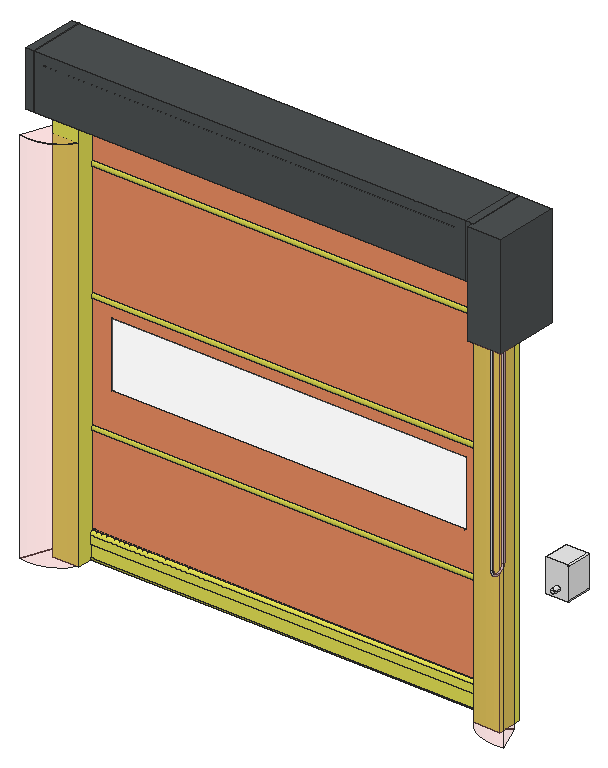
Revit family "Doors_Other_Overhead-Door-Corporation_RapidFlex-High-Speed-Exterior-Fabric-Door-993_new_", category Specialty Equipment, host Wall, Revit 2019
Family settings
  Host = Wall
  Round Connector Dimension = Use Diameter
  Part Type = Normal
  OmniClass Number = 23.30.10.21.34
  OmniClass Title = Industrial Doors
  Always vertical = Yes
  Cut with Voids When Loaded = No
  Shared = No
  Room Calculation Point = No
Parameters (values of type "115 volts, one phase, 60 Hz (110-120V range)")
  Vision Panels [instance] = yes
  True Width [instance] = [Door Width (Real)]  # 120"
  True Height [instance] = [Door Height (Real)] + 6 1/2"  # 126 1/2"
  Three Phase Controller [instance] = not(One Phase Controller)  # no
  Rough Width [instance] = [Door Width (Real)]  # 120"
  Rough Height [instance] = [Door Height (Real)] - 4 1/2"  # 115 1/2"
  Product Page URL = "https://www.overheaddoor.com/high-speed-doors-993"
  Powder Coat (Note) = "PowderGuard® Premium powder coat options are available in approximately 200 colors as well as custom matching to specification. "  # constant formula
  Panel Material [instance] = PVC - Overhead Door - Orange (Exterior)
  One Phase Controller [instance] = if(Number of Poles = 1, 1 = 1, 1 = 2)  # yes
  Motor Cover [instance] = yes
  Hood Type [instance] = if(or(Hood Option < 1, Hood Option = 1), "Standard", "Sloped")  # "Standard"
  Hood Material = Metal - Overhead Door - Black
  Headroom Height [instance] = if(or(Hood Option < 1, Hood Option = 1), 27 1/2", if(or(Hood Option > 2, Hood Option = 2), 36 1/2", 36 1/2"))  # 27 1/2"
  Hood Option [instance] = 1
  External Transformer = if(or(Voltage = 208 V, Voltage = 575 V), 1 = 1, 1 = 2)  # no
  Door Width (Real) [instance] = if(Door Width > Max Door Width, Max Door Width, if(Door Width < Min Door Width, Min Door Width, Door Width))  # 120"
  Door Height (Real) [instance] = if(Door Height > Max Door Height, Max Door Height, if(Door Height < Min Door Height, Min Door Height, Door Height))  # 120"
  Voltage = 115 V
  URL = "https://www.overheaddoor.com/"
  Product data url = "https://www.bimobject.com/overhead-door/product/high-speed-exterior-fabric-door-993"
  Product Guid = "3052d39a-ac6d-4781-a7d8-0a54b698e6f5"
  Power Factor = 1
  Number of Poles = 1
  Model = "993"  # constant formula
  Min Door Width [instance] = 48"  # constant formula
  Min Door Height [instance] = 72"  # constant formula
  Max Door Width [instance] = 240"  # constant formula
  Max Door Height [instance] = 240"  # constant formula
  Manufacturer = "Overhead Door Corporation"  # constant formula
  Frequency = 60 Hz  # constant formula
  Wall Closure = By host
  Floor To (CL) of Shaft [instance] = [Door Height (Real)] + 5 1/2"  # 125 1/2"
  Connector Description = "Rapidflex Large Control Panel"  # constant formula
  Finish Material = Finish - Overhead Door - Yellow
  Door Width [instance] = 120"
  Door Height [instance] = 120"
  Description = "RapidFlex​® Model 993 is a strutted, exterior heavy-duty high speed fabric door with independently tested wind load of up to 19.5 psf*. "  # constant formula
  Current = 20 A
  Clearance [instance] = yes
  Backroom Depth [instance] = 17 1/4"  # constant formula
  Apparent Load Phase 3 = if(Number of Poles = 1, 0 VA, (Voltage * Current * sqrt(3)) / 3)  # 0 VA
  Apparent Load Phase 2 = if(Number of Poles = 1, 0 VA, (Voltage * Current * sqrt(3)) / 3)  # 0 VA
  Apparent Load Phase 1 = if(Number of Poles = 1, Voltage * Current, (Voltage * Current * sqrt(3)) / 3)  # 2300 VA
Reference planes (in)
  plane 1 "Center (Front/Back)": y = 0
  plane 2 "Center (Left/Right)": x = 0
  plane 3 "Left": x = -60
  plane 4 "Right": x = 60
  plane 5 "Exterior": y = 3.00375
  plane 6 "Interior": y = -2.99625
  plane 7: x = 60
  plane 8: x = -60
  plane 9: z = 115.5
  plane 10 "Main": y = -7.11344
  plane 11: y = -20.24625
  plane 12 "Main Door Block": y = -2.99625
  plane 13: z = 47.47
  plane 14: y = -5.16813
  plane 15: y = -5.24829
  plane 16: y = -5.08796
  plane 17: z = 120
Lines and regions (in)
  Opening 1
    outline origin (-90, -2.99625, 0) x (1, 0, 0) y (0, 0, 1)
      loop
        line (30, 0) -> (150, 0) -> (150, 115.5) -> (30, 115.5) -> (30, 0)
Text (in)
  text "Exterior" at (-74.96733, -29.37398, 0), in view "Ref. Level"
  text "Interior" at (-74.96733, 20.10035, 0), in view "Ref. Level"
  text "Exterior" at (0, 40.15149, 123.01588), in view "Right"
  text "Interior" at (0, -64.39139, 123.01588), in view "Right"
  text "Interior" at (0, -31.01599, 123.00693), in view "Left"
  text "Exterior" at (0, 54.57065, 123.00693), in view "Left"
Dimensions and locks (in)
  equal spacing: plane 3 "Left", plane 2 "Center (Left/Right)", plane 4 "Right"
  "Door Width (Real)": plane 3 "Left" to plane 4 "Right"
  level to host wall = 459.59655"
  equal spacing: plane 8, plane 2 "Center (Left/Right)", plane 7
  "Rough Width": plane 7 to plane 8
  "Backroom Depth": plane 6 "Interior" to plane 11
  plane 9 to level = 115 1/2"
  locked: plane 12 "Main Door Block" to plane 10 "Main" at 4.11719
  plane 1 "Center (Front/Back)" to plane 6 "Interior" = 2.99625"
  locked: plane 14 to plane 6 "Interior" at 2.17187
  locked: plane 15 to plane 16 at 0.16033
  equal spacing: plane 15, plane 14, plane 16
  locked: plane 17 to plane 9 at 4.5
  "Door Height (Real)": plane 17 to level
  aligned and locked: Opening 1 sketch curve to level
  aligned and locked: plane 5 "Exterior" to host wall
  aligned and locked: host wall to plane 6 "Interior"
  aligned and locked: plane 8 to Opening 1 sketch curve
  aligned and locked: plane 7 to Opening 1 sketch curve
  aligned and locked: plane 12 "Main Door Block" to plane 6 "Interior"
  aligned and locked: plane 12 "Main Door Block" to nested 1
  aligned and locked: nested 1 to plane 2 "Center (Left/Right)"
  aligned and locked: level to nested 1
  aligned and locked: Opening 1 sketch curve to plane 9
  aligned and locked: plane 2 "Center (Left/Right)" to nested 2
Nested families (in)
  nested 1: "Lifts" at (0, -2.99625, 0) x (-1, 0, 0) z (0, 0, 1), Motor Cover <- "Motor Cover", One Phase Controller <- "One Phase Controller", Three Phase Controller <- "Three Phase Controller", Header Option <- "Hood Option", type "Frame Unit"
    with Three Phase Controller no, Standard Motor Housing yes, Standard Headroom with Break Cover yes, Standard Headroom Hood yes, Sloped Motor Housing no, Sloped Headroom Hood no, Shaft Length 9 1/2", Rod 2 no, Right Motor Position yes, One Phase Controller yes, Motor Cover Off no, Motor Cover yes, Masking Region Right Motor Three Phase no, Masking Region Right Motor no, Headroom Offset 0", Header Option 1, Guid Option 1, Floor To CL Shaft 134 3/4", Electric Operator Position 171 1/2"
  nested 2: "Panel" at (0, -5.08796, 0), type "Panel"
Connectors (in)
  electrical at (85.75194, -10.53625, 47.99806), driven by "Number of Poles", driven by "Voltage", driven by "Apparent Load Phase 1", driven by "Power Factor", driven by "Connector Description", driven by "Apparent Load Phase 2", driven by "Apparent Load Phase 3"
    settings: on nested 1, index 1, voltage 115 V, apparent load 0 VA, apparent load phase1 2300 VA, apparent load phase2 0 VA, apparent load phase3 0 VA, power factor 1, load classification "Other", number of poles 1, system type 31, power factor state 1, is connector primary yes, connector utility no, sub classification motor no, connector description "Rapidflex Large Control Panel"
Definition of nested family "Lifts"
  Parameters (values of type "Frame Unit")
    Three Phase Controller [instance] = no
    Standard Motor Housing [instance] = if(and(Motor Cover, or(Header Option < 1, Header Option = 1)), 1 = 1, 1 = 2)  # no
    Standard Headroom with Break Cover [instance] = yes
    Standard Headroom Hood [instance] = if(and(Hood Option, or(Header Option < 1, Header Option = 1, Header Option = 2)), 1 = 1, 1 = 2)  # yes
    Spool Radius = 4 1/2"
    Sloped Motor Housing [instance] = if(and(Motor Cover, or(Header Option > 2, Header Option = 2)), 1 = 1, 1 = 2)  # yes
    Sloped Headroom Hood [instance] = if(and(Hood Option, or(Header Option > 2, Header Option = 2)), 1 = 1, 1 = 2)  # yes
    Shaft Material = none
    Shaft Length [instance] = 9 1/2"  # constant formula
    Rod 2 [instance] = if(and(not(Motor Cover), Right Motor Position), 1 = 1, 1 = 2)  # no
    Right Motor Position [instance] = yes
    Opening Width = 120"
    One Phase Controller [instance] = yes
    Naked Header = not(Hood Option)  # no
    Motor Cover Off [instance] = not(Motor Cover)  # no
    Motor Cover [instance] = yes
    Masking Region Right Motor Three Phase [instance] = if(and(Right Motor Position, Three Phase Controller), 1 = 1, 1 = 2)  # no
    Masking Region Right Motor [instance] = if(and(Right Motor Position, Motor Cover Off), 1 = 1, 1 = 2)  # no
    Hood Option = yes
    Hood Offset (Real) = if(Hood Offset < 4 1/2", 4 1/2", if(Hood Offset > Opening Height / 2, Opening Height / 2, Hood Offset))  # 4 1/2"
    Hood Offset = 0"
    Hood Material = none
    Headroom Offset [instance] = if(or(Header Option < 1, Header Option = 1), 0", if(or(Header Option > 2, Header Option = 2), 9", 9"))  # 9"
    Headroom Height = 27 1/2"
    Header Width = 17 1/4"
    Header Option [instance] = 2
    Header Height = 16 1/2"
    Guid Width = 8"
    Guid Option [instance] = 1
    Floor To CL Shaft [instance] = Opening Height + Headroom Height - 8 1/4" - Headroom Offset  # 125 3/4"
    External Transformer = no
    Electric Operator Position [instance] = if(Right Motor Position, (25 3/4" * 2 + Opening Width), 0")  # 171 1/2"
    Clearance = yes
    Opening Height = 115 1/2"
    Finish Material = none
    Bottom Bar = yes
    Analytic Construction = "<None>"
  Reference planes (in)
    plane 1 "Center (Front/Back)": y = 0
    plane 2: z = 0
    plane 3 "Center (Left/Right)": x = 0
    plane 4 "Left": x = -60
    plane 5 "Right": x = 60
    plane 6 "Center Line of Shaft": z = 125.75
    plane 7 "Headroom Top": z = 134
    plane 8 "Opening Height": z = 115.5
    plane 9: x = -77.38
    plane 10 "Shaft": x = -75.54413
    plane 11 "Box": x = -85.75
    plane 12 "EBOX": z = 48
    plane 13: z = 39.09375
    plane 14: z = 56.90625
    plane 15: z = 43.5
    plane 16: y = 7.54
    plane 17: z = 117.5
    plane 18: y = 17.25
    plane 19: x = 69.5
    plane 20: x = 68
    plane 21: x = -68
    plane 22: x = -78
    plane 23: x = -93.5
    plane 24: y = 5.75
    plane 25: y = 2.17
    plane 26 "Center L/MM": x = 85.75
    plane 27: z = 53
    plane 28: z = 43
    plane 29: x = -82.25
    plane 30: x = -89.25
    plane 31: y = 7.54
    plane 32 "1": z = 45.56
    plane 33 "Sloped motor LH": x = -71.125
    plane 34 "Sloped motor RH": x = 71.125
    plane 35: z = 143
    plane 36: y = 5.75
  Forms (in)
    Extrusion 1, solid, material <- "Shaft Material"
      sketch origin (0, 0, 0) x (0, 1, 0) y (0, 0, 1)
        loop
          circle (8.625, 125.75) r 0.78
      from -77.38 to 69.5
    Extrusion 2, solid, visible <- "Three Phase Controller"
      sketch origin (-1.95651, 0, 0) x (1, 0, 0) y (0, 0, 1)
        loop
          line (-76.54349, 56.90625) -> (-91.04349, 56.90625)
          arc (-91.04349, 56.90625) -> (-91.39704, 56.7598) -> (-91.54349, 56.40625) r 0.5
          line (-91.54349, 56.40625) -> (-91.54349, 39.59375)
          arc (-91.54349, 39.59375) -> (-91.39704, 39.2402) -> (-91.04349, 39.09375) r 0.5
          line (-91.04349, 39.09375) -> (-76.54349, 39.09375)
          arc (-76.54349, 39.09375) -> (-76.18993, 39.2402) -> (-76.04349, 39.59375) r 0.5
          line (-76.04349, 39.59375) -> (-76.04349, 56.40625)
          arc (-76.04349, 56.40625) -> (-76.18993, 56.7598) -> (-76.54349, 56.90625) r 0.5
      from -7.54 to 0
    Revolve 3, solid, visible <- "Three Phase Controller"
      sketch origin (-55.03203, -180, 43.5) x (-1, 0, 0) y (0, -1, 0)
        loop
          line (27.35797, -187.54) -> (26.60797, -187.54) -> (26.75797, -189.312) -> (27.35797, -189.312) -> (27.35797, -187.54)
        axis (27.35797, -187.54) -> (27.35797, -189.312)
      angle from 0 to 360
    Extrusion 4, solid, material <- "Finish Material"
      sketch origin (0, 0, 0) x (1, 0, 0) y (0, 1, 0)
        loop
          line (-68, 0) -> (-60, 0) -> (-60, 7.21875) -> (-68, 7.21875) -> (-68, 0)
        loop
          line (68, 0) -> (68, 7.21875) -> (60, 7.21875) -> (60, 0) -> (68, 0)
      from 0 to 117.5
    Extrusion 5, solid, material <- "Hood Material", visible <- "Standard Headroom Hood"
      sketch origin (0, 0, 0) x (0, 1, 0) y (0, 0, 1)
        loop
          line (0, 117.5) -> (17.25, 117.5) -> (17.25, 134) -> (0, 134) -> (0, 117.5)
      from -68 to 68
    Sweep 6, solid, material <- "Hood Material"
      path origin (0, 0, 0) x (0, 1, 0) y (0, 0, 1)
        loop
          line (0, 117.5) -> (17.25, 117.5) -> (17.25, 134) -> (0, 134) -> (0, 117.5)
      profile origin (0, 0, 125.75) x (0, -1, 0) y (1, 0, 0)
        loop
          line (0, -68) -> (0, -65.8) -> (-0.5, -65.8) -> (-0.5, -68) -> (0, -68)
        loop
          line (0, 68) -> (-0.5, 68) -> (-0.5, 65.80145) -> (0, 65.80145) -> (0, 68)
    Extrusion 7, solid, material <- "Hood Material"
      sketch origin (0, 0, 0) x (1, 0, 0) y (0, 1, 0)
        loop
          line (68, 0) -> (68, 17.25) -> (67.495, 17.25) -> (67.495, 0) -> (68, 0)
        loop
          line (-68, 0) -> (-67.495, 0) -> (-67.495, 17.25) -> (-68, 17.25) -> (-68, 0)
      from 117.5 to 134
    Extrusion 8, solid, material <- "Hood Material"
      sketch origin (-60, -60, 48) x (0, -1, 0) y (0, 0, 1)
        loop
          circle (-68.62, 77.75) r 4.5
      from 7.24519 to 6.06954
    Extrusion 9, solid, visible <- "External Transformer"
      sketch origin (0, 0, 48) x (1, 0, 0) y (0, 1, 0)
        loop
          line (-92.625, 0) -> (-78.875, 0) -> (-78.875, 0.125) -> (-81.25, 0.125) -> (-81.25, 9.3125) -> (-90.25, 9.3125) -> (-90.25, 0.125) -> (-92.625, 0.125) -> (-92.625, 0)
      from -19.13 to -10
    Extrusion 10, solid, visible <- "Clearance"
      sketch origin (0, 0, 0) x (1, 0, 0) y (0, 1, 0)
        loop
          arc (-60, 7.21875) -> (-65.92575, 12.04695) -> (-73.5406, 12.71032) r 13
          line (-73.5406, 12.71032) -> (-70.07548, 4.13387) -> (-68, 5.33215) -> (-68, 7.21875) -> (-60, 7.21875)
        loop
          line (60, 7.21875) -> (68, 7.21875) -> (68, 5.33215) -> (70.07548, 4.13387) -> (73.5406, 12.71032)
          arc (73.5406, 12.71032) -> (65.92575, 12.04695) -> (60, 7.21875) r 13
      from 0 to 115.5
    Extrusion 11, solid, material <- "Finish Material"
      sketch origin (0, 0, 0) x (0, 1, 0) y (0, 0, 1)
        loop
          arc (3.09, 7.16) -> (2.86326, 7.8255) -> (2.27736, 8.21412) r 1.09
          arc (2.27736, 8.21412) -> (2.24377, 8.18602) -> (2.22831, 8.14505) r 0.08624
          arc (2.22831, 8.14505) -> (2.17, 7.81318) -> (2.11169, 8.14505) r 0.17106
          arc (2.11169, 8.14505) -> (2.09623, 8.18602) -> (2.06264, 8.21412) r 0.08624
          arc (2.06264, 8.21412) -> (1.47674, 7.8255) -> (1.25, 7.16) r 1.09
          line (1.25, 7.16) -> (1.25, 4.64381) -> (1.48036, 4.64381) -> (1.48036, 0.69)
          arc (1.48036, 0.69) -> (1.68233, 0.20222) -> (2.17, 0) r 0.69
          arc (2.17, 0) -> (2.65767, 0.20222) -> (2.85964, 0.69) r 0.69
          line (2.85964, 0.69) -> (2.85964, 4.64381) -> (3.09, 4.64381) -> (3.09, 7.16)
      from -60 to 60
    Extrusion 12, solid, visible <- "One Phase Controller"
      sketch origin (0, 0, 0) x (1, 0, 0) y (0, 0, 1)
        loop
          line (-82.66553, 53) -> (-88.85, 53)
          arc (-88.85, 53) -> (-89.13284, 52.88284) -> (-89.25, 52.6) r 0.4
          line (-89.25, 52.6) -> (-89.25, 43.4)
          arc (-89.25, 43.4) -> (-89.13284, 43.11716) -> (-88.85, 43) r 0.4
          line (-88.85, 43) -> (-82.65, 43)
          arc (-82.65, 43) -> (-82.36716, 43.11716) -> (-82.25, 43.4) r 0.4
          line (-82.25, 43.4) -> (-82.25, 52.58447)
          arc (-82.25, 52.58447) -> (-82.37171, 52.87829) -> (-82.66553, 53) r 0.41553
      from -7.54 to 0
    Revolve 13, solid, visible <- "One Phase Controller"
      sketch origin (0, 0, 45.56) x (-1, 0, 0) y (0, -1, 0)
        loop
          line (85.75, -9.3125) -> (85.75, -7.54) -> (85, -7.54) -> (85.15, -9.3125) -> (85.75, -9.3125)
        axis (85.75, -9.3125) -> (85.75, -7.54)
      angle from 0 to 360
    Extrusion 14, solid, material <- "Hood Material"
      sketch origin (60, -60, 48) x (0, -1, 0) y (0, 0, -1)
        loop
          circle (-68.62, -77.75) r 4.5
      from 7.24519 to 6.06954
    Extrusion 15, solid, material <- "Hood Material", visible <- "Sloped Headroom Hood"
      sketch origin (0, 0.784, 29.19) x (0, 1, 0) y (0, 0, 1)
        loop
          line (16.466, 88.31) -> (16.466, 106.31) -> (-0.784, 113.81) -> (-0.784, 88.31) -> (16.466, 88.31)
        loop
          line (15.966, 104.31) -> (-0.284, 104.31) -> (-0.284, 88.81) -> (15.966, 88.81) -> (15.966, 104.31)
      from -68 to 68
  Cuts and joins
    joined: Sweep 6, Extrusion 7
  Lines and regions (in)
    Masking region 1, visible <- "Three Phase Controller"
      outline origin (0, 0, 0) x (1, 0, 0) y (0, 1, 0)
        loop
          line (-93.5, 0) -> (-78, 0) -> (-78, 7.54) -> (-93.5, 7.54) -> (-93.5, 0)
    Masking region 2, visible <- "Masking Region Right Motor Three Phase"
      outline origin (0, 0, 0) x (1, 0, 0) y (0, 1, 0)
        loop
          line (-81.64, 7.54) -> (-81.79, 9.312) -> (-82.99, 9.312) -> (-83.14, 7.54) -> (-81.64, 7.54)
    Masking region 3, visible <- "External Transformer"
      outline origin (0, 0, 0) x (1, 0, 0) y (0, 1, 0)
        loop
          line (-90.25, 7.54) -> (-81.25, 7.54) -> (-81.25, 9.3125) -> (-90.25, 9.3125) -> (-90.25, 7.54)
    Masking region 4, not visible
      outline origin (-205.49871, -5.75, 0) x (0, 1, 0) y (-1, 0, 0)
        loop
          line (13.29, -115.63871) -> (13.29, -117.13871) -> (15.062, -116.98871) -> (15.062, -115.78871) -> (13.29, -115.63871)
    Masking region 5, visible <- "Hood Option"
      outline origin (0, 0, 0) x (1, 0, 0) y (0, 1, 0)
        loop
          line (-68, 17.25) -> (-68, 0) -> (68, 0) -> (68, 17.25) -> (-68, 17.25)
    Masking region 6, visible <- "One Phase Controller"
      outline origin (0, 0, 0) x (1, 0, 0) y (0, 1, 0)
        loop
          line (-89.25, 7.54) -> (-89.25, 0) -> (-82.27704, 0) -> (-82.27704, 7.54) -> (-89.25, 7.54)
    Masking region 7, visible <- "One Phase Controller"
      outline origin (0, 0, 0) x (1, 0, 0) y (0, 1, 0)
        loop
          line (-86.35, 9.3125) -> (-86.5, 7.54) -> (-85, 7.54) -> (-85.15, 9.3125) -> (-86.35, 9.3125)
    Masking region 8, visible <- "Right Motor Position"
      outline origin (0, 0, 0) x (1, 0, 0) y (0, 1, 0)
        loop
          line (68, 9.40101) -> (68, 7.84631) -> (69.5, 7.84631) -> (69.5, 9.40101) -> (68, 9.40101)
    Masking region 9, visible <- "Rod 2"
      outline origin (0, 0, 0) x (0, 1, 0) y (-1, 0, 0)
        loop
          line (9.40101, 77.38) -> (7.84631, 77.38) -> (7.84631, 76.22375) -> (8.19397, 76.22375) -> (8.19397, 75.69375) -> (9.40101, 75.69375) -> (9.40101, 77.38)
        loop
          line (9.40101, 68) -> (9.40101, 69.93) -> (8.71101, 69.93) -> (8.71101, 71.16) -> (9.40101, 71.16) -> (9.40101, 71.76) -> (8.19397, 71.76) -> (8.19397, 71.23) -> (7.84631, 71.23) -> (7.84631, 68) -> (9.40101, 68)
    symbolic lines, not visible
      curve 1: line (-65.8, 7.78111, 0) -> (-65.8, 6.21995, 0)
      curve 2: line (65.80145, 7.78111, 0) -> (65.80145, 5.875, 0)
      curve 3: line (60, 1.09992, 0) -> (60, 0, 0)
    symbolic lines
      curve 4: line (-65.8, 17.25, 0) -> (-65.8, 0, 0)
      curve 5: line (65.80145, 17.25, 0) -> (65.80145, 0, 0)
  Dimensions and locks (in)
    equal spacing: plane 4 "Left", plane 3 "Center (Left/Right)", plane 5 "Right"
    "Opening Width": plane 4 "Left" to plane 5 "Right"
    "Header Height": plane 7 "Headroom Top" to plane 17
    "Opening Height": plane 8 "Opening Height" to level
    locked: level to plane 12 "EBOX" at 48
    locked: plane 11 "Box" to Revolve 3 sketch curve at 3.36
    equal spacing: plane 14, plane 12 "EBOX", plane 13
    locked: plane 12 "EBOX" to plane 15 at 4.5
    locked: plane 13 to plane 14 at 17.8125
    locked: plane 10 "Shaft" to plane 4 "Left" at 15.54413
    plane 11 "Box" to plane 10 "Shaft" = 10.20587"
    locked: plane 16 to plane 1 "Center (Front/Back)" at 7.54
    locked: Revolve 3 sketch curve to Revolve 3 sketch curve at 0.6
    locked: Revolve 3 sketch curve to Revolve 3 sketch curve at 0.75
    locked: plane 16 to Revolve 3 sketch curve at 1.772
    "Guid Width": Extrusion 4 sketch curve to plane 4 "Left"
    locked: plane 1 "Center (Front/Back)" to Extrusion 4 sketch curve at 7.21875
    "Header Width": plane 1 "Center (Front/Back)" to Extrusion 5 sketch curve
    Extrusion 5 to plane 4 "Left" = 8"
    plane 5 "Right" to Extrusion 5 = 8"
    "Header Width": plane 1 "Center (Front/Back)" to Sweep 6 sketch curve
    "Header Width": plane 1 "Center (Front/Back)" to Extrusion 7 sketch curve  (x2)
    "Header Width": plane 1 "Center (Front/Back)" to plane 18
    plane 21 to nested 1 = 5.729"
    "Guid Width": plane 4 "Left" to plane 21
    "Guid Width": plane 5 "Right" to plane 20
    locked: Extrusion 7 sketch curve to plane 20 at 0.505
    locked: plane 21 to Extrusion 7 sketch curve at 0.505
    locked: plane 11 "Box" to plane 23 at 7.75
    locked: plane 22 to plane 11 "Box" at 7.75
    locked: plane 1 "Center (Front/Back)" to Extrusion 9 sketch curve at 0.125
    locked: plane 11 "Box" to Extrusion 9 sketch curve at 4.5
    locked: Extrusion 9 sketch curve to plane 11 "Box" at 4.5
    locked: Extrusion 9 sketch curve to plane 11 "Box" at 6.875
    locked: plane 11 "Box" to Extrusion 9 sketch curve at 6.875
    plane 1 "Center (Front/Back)" to Extrusion 9 sketch curve = 9 5/16"
    locked: plane 18 to Extrusion 8 sketch curve at 8.63
    plane 18 to Extrusion 1 sketch curve = 8 5/8"
    locked: Extrusion 4 sketch curve to Extrusion 4 sketch curve at 7.21875
    "Guid Width": Extrusion 4 sketch curve to Extrusion 4 sketch curve
    plane 20 to plane 21 = 136"
    locked: cut or joined group of Sweep 6, Extrusion 7 to Sweep 6 sketch curve at 0.5
    locked: plane 1 "Center (Front/Back)" to plane 25 at 2.17
    "Electric Operator Position": plane 11 "Box" to plane 26 "Center L/MM"
    equal spacing: Masking region 1 sketch curve, plane 11 "Box", Masking region 1 sketch curve
    locked: Masking region 1 sketch curve to Masking region 1 sketch curve at 15.5
    "Floor To CL Shaft": plane 6 "Center Line of Shaft" to plane 2
    plane 8 "Opening Height" to level = 115 1/2"
    equal spacing: plane 28, plane 12 "EBOX", plane 27
    locked: plane 28 to plane 27 at 10
    locked: plane 1 "Center (Front/Back)" to plane 31 at 7.54
    locked: plane 31 to Revolve 13 sketch curve at 1.7725
    locked: plane 12 "EBOX" to plane 32 "1" at 2.44
    locked: plane 11 "Box" to Revolve 13 sketch curve at 0.75
    locked: plane 11 "Box" to Revolve 13 sketch curve at 0.6
    locked: Extrusion 11 sketch curve to plane 2 at 8.22233
    equal spacing: Extrusion 11 sketch curve, plane 25, Extrusion 11 sketch curve  (x2)
    locked: Extrusion 11 sketch curve to Extrusion 11 sketch curve at 1.37927
    locked: Extrusion 11 sketch curve to plane 2 at 4.64381
    locked: Extrusion 11 sketch curve to plane 2 at 7.98424
    equal spacing: plane 34 "Sloped motor RH", plane 3 "Center (Left/Right)", plane 33 "Sloped motor LH"
    locked: plane 4 "Left" to plane 33 "Sloped motor LH" at 11.125
    "Shaft Length": plane 5 "Right" to plane 19
    locked: plane 9 to plane 4 "Left" at 17.38
    "Headroom Offset": plane 35 to plane 7 "Headroom Top"
    "Headroom Height": plane 35 to plane 8 "Opening Height"
    locked: plane 29 to plane 11 "Box" at 3.5
    locked: plane 11 "Box" to plane 30 at 3.5
    locked: plane 20 to plane 26 "Center L/MM" at 17.75
    plane 5 "Right" to plane 26 "Center L/MM" = 25 3/4"
    locked: plane 1 "Center (Front/Back)" to Extrusion 10 sketch curve at 13
    locked: plane 21 to Sweep 6 sketch curve at 2.2
    locked: Sweep 6 sketch curve to plane 20 at 2.19855
    locked: Extrusion 14 to plane 20 at 0.75481
    locked: plane 21 to Extrusion 8 at 0.75481
    locked: Extrusion 8 to Extrusion 8 at 1.17565
    locked: Extrusion 14 to Extrusion 14 at 1.17565
    locked: Extrusion 11 sketch curve to Extrusion 11 sketch curve at 1.84
    locked: Extrusion 15 sketch curve to cut or joined group of Sweep 6, Extrusion 7 at 0.5
    locked: plane 18 to Extrusion 14 sketch curve at 8.63
    locked: plane 9 to Masking region 9 sketch curve at 1.68625
    locked: Masking region 9 sketch curve to plane 21 at 1.93
    locked: Masking region 9 sketch curve to Masking region 9 sketch curve at 1.23
    locked: Masking region 9 sketch curve to Masking region 9 sketch curve at 0.6
    locked: Masking region 9 sketch curve to Masking region 9 sketch curve at 1.20704
    locked: Masking region 9 sketch curve to Masking region 9 sketch curve at 0.69
    locked: Extrusion 15 sketch curve to Extrusion 15 sketch curve at 25.5
    plane 26 "Center L/MM" to plane 19 = 16 1/4"
    locked: Extrusion 1 sketch curve to Extrusion 1 sketch curve (radius 0.78")
    "Spool Radius": radius of Extrusion 8 sketch curve
    "Spool Radius": radius of Extrusion 14 sketch curve
    radius of Extrusion 10 sketch curve = 13"  (x2)
    locked: Revolve 3 to Masking region 2 sketch curve (angle 85.1614°)
    locked: Masking region 2 sketch curve to Revolve 3 (angle 85.1614°)
    locked: Masking region 7 sketch curve to Revolve 13 (angle 85.1628°)
    locked: Revolve 13 to Masking region 7 sketch curve (angle 85.1628°)
    locked: Extrusion 15 sketch curve to Extrusion 15 sketch curve (angle 66.5014°)
    locked: Extrusion 15 sketch curve to Extrusion 15 sketch curve (angle 113.499°)
    aligned and locked: plane 2 to level
    aligned and locked: plane 9 to Extrusion 1
    aligned and locked: Extrusion 2 to plane 1 "Center (Front/Back)"
    aligned and locked: Extrusion 2 sketch curve to plane 13
    aligned and locked: plane 14 to Extrusion 2 sketch curve
    aligned and locked: Revolve 3 sketch curve to Revolve 3 sketch curve
    aligned and locked: plane 16 to Revolve 3 sketch curve
    aligned and locked: plane 1 "Center (Front/Back)" to Extrusion 5 sketch curve
    aligned and locked: Extrusion 5 sketch curve to plane 7 "Headroom Top"
    aligned and locked: Extrusion 5 to plane 17
    aligned and locked: plane 17 to Extrusion 5 sketch curve
    aligned and locked: plane 17 to Extrusion 4
    aligned and locked: plane 1 "Center (Front/Back)" to Sweep 6 sketch curve
    aligned and locked: Sweep 6 sketch curve to plane 7 "Headroom Top"
    aligned and locked: Sweep 6 sketch curve to plane 17
    aligned and locked: profile plane to Sweep 6 sketch curve
    aligned and locked: Extrusion 7 sketch curve to plane 1 "Center (Front/Back)"  (x2)
    aligned and locked: plane 7 "Headroom Top" to Extrusion 7
    aligned and locked: Extrusion 7 to plane 17
    aligned and locked: Masking region 2 sketch curve to Revolve 3  (x2)
    aligned and locked: Extrusion 1 to plane 19
    aligned and locked: Extrusion 7 sketch curve to plane 21
    aligned and locked: Extrusion 7 sketch curve to plane 20
    aligned and locked: plane 22 to Extrusion 2 sketch curve
    aligned and locked: plane 23 to Extrusion 2 sketch curve
    aligned and locked: Extrusion 9 sketch curve to plane 1 "Center (Front/Back)"
    aligned and locked: Extrusion 9 sketch curve to Extrusion 9 sketch curve
    aligned and locked: Masking region 3 sketch curve to Extrusion 9  (x2)
    aligned and locked: Extrusion 9 to Masking region 3 sketch curve
    aligned and locked: plane 6 "Center Line of Shaft" to Extrusion 8 sketch curve
    aligned and locked: plane 6 "Center Line of Shaft" to Extrusion 1 sketch curve
    aligned and locked: Extrusion 4 sketch curve to plane 1 "Center (Front/Back)"  (x2)
    aligned and locked: plane 20 to Extrusion 4 sketch curve
    aligned and locked: Extrusion 10 to level
    aligned and locked: cut or joined group of Sweep 6, Extrusion 7 to plane 21
    aligned and locked: cut or joined group of Sweep 6, Extrusion 7 to plane 18  (x2)
    aligned and locked: cut or joined group of Sweep 6, Extrusion 7 to plane 1 "Center (Front/Back)"
    aligned and locked: plane 1 "Center (Front/Back)" to cut or joined group of Sweep 6, Extrusion 7
    aligned and locked: plane 20 to cut or joined group of Sweep 6, Extrusion 7
    aligned and locked: Sweep 6 sketch curve to cut or joined group of Sweep 6, Extrusion 7
    aligned and locked: Extrusion 5 to plane 21
    aligned and locked: plane 20 to Extrusion 5
    aligned and locked: plane 7 "Headroom Top" to nested 1
    aligned and locked: plane 8 "Opening Height" to Extrusion 10
    aligned and locked: nested 1 to plane 21
    aligned and locked: Extrusion 11 to plane 5 "Right"
    aligned and locked: plane 4 "Left" to Extrusion 11
    aligned and locked: plane 18 to Masking region 5 sketch curve
    aligned and locked: Masking region 5 sketch curve to plane 1 "Center (Front/Back)"
    aligned and locked: Masking region 5 sketch curve to plane 21
    aligned and locked: Masking region 5 sketch curve to plane 20
    aligned and locked: cut or joined group of Sweep 6, Extrusion 7 to curve 2
    aligned and locked: curve 1 to cut or joined group of Sweep 6, Extrusion 7
    aligned and locked: plane 27 to Extrusion 12 sketch curve
    aligned and locked: Extrusion 12 sketch curve to plane 28
    aligned and locked: Extrusion 12 sketch curve to plane 29
    aligned and locked: plane 1 "Center (Front/Back)" to Extrusion 12
    aligned and locked: Revolve 13 sketch curve to Revolve 13 sketch curve
    aligned and locked: Revolve 13 sketch curve to plane 31
    aligned and locked: Masking region 7 sketch curve to Revolve 13
    aligned and locked: Masking region 3 to Masking region 7 sketch curve
    aligned and locked: Extrusion 11 sketch curve to Extrusion 11 sketch curve
    aligned and locked: plane 25 to Extrusion 11 sketch curve
    aligned and locked: plane 4 "Left" to Extrusion 10 sketch curve
    aligned and locked: plane 21 to Sweep 6 sketch curve
    aligned and locked: Sweep 6 sketch curve to Sweep 6 sketch curve
    aligned and locked: plane 6 "Center Line of Shaft" to Extrusion 14 sketch curve
    aligned and locked: plane 19 to Masking region 8 sketch curve  (x2)
    aligned and locked: plane 20 to Masking region 8 sketch curve  (x2)
    aligned and locked: Extrusion 15 to plane 18
    aligned and locked: plane 1 "Center (Front/Back)" to Extrusion 15
    aligned and locked: Extrusion 15 to plane 17
    aligned and locked: Extrusion 15 to plane 21
    aligned and locked: plane 20 to Extrusion 15
    aligned and locked: nested 1 to plane 1 "Center (Front/Back)"
    aligned and locked: Masking region 9 sketch curve to Masking region 9 sketch curve
    aligned and locked: plane 9 to Masking region 9 sketch curve
    aligned and locked: Extrusion 2 to Masking region 6
    aligned and locked: Masking region 4 to Extrusion 2
    aligned and locked: Extrusion 2 to Revolve 3
    aligned and locked: plane 18 to curve 4
    aligned and locked: curve 4 to plane 1 "Center (Front/Back)"
    aligned and locked: plane 18 to curve 5
    aligned and locked: plane 1 "Center (Front/Back)" to curve 5
    aligned and locked: Extrusion 10 sketch curve to plane 21
    aligned and locked: plane 21 to Extrusion 10 sketch curve
    aligned and locked: Extrusion 10 sketch curve to Extrusion 4
    aligned and locked: Extrusion 10 sketch curve to plane 20
    aligned and locked: plane 20 to Extrusion 10 sketch curve
    aligned and locked: plane 5 "Right" to Extrusion 10 sketch curve
  Automatic sketch dimensions
    Extrusion 2 sketch curve to Extrusion 2 sketch curve = 1/2"
    Extrusion 2 sketch curve to plane 14 = 1/2"
    Extrusion 2 sketch curve to plane 22 = 1/2"  (x2)
    Revolve 3 sketch curve to plane 18 = 7.38505"
    Revolve 3 sketch curve to plane 25 = 0.90036"
    Sweep 6 sketch curve to Sweep 6 sketch curve = 2.19855"
    Masking region 1 sketch curve to plane 1 "Center (Front/Back)" = 0"
    plane 18 to Masking region 1 sketch curve = 9.71"
    plane 11 "Box" to Masking region 2 sketch curve = 2.61"
    Masking region 2 sketch curve to Masking region 2 sketch curve = 1.2"
    Masking region 3 sketch curve to Masking region 3 sketch curve = 1.7725"
    Extrusion 11 sketch curve to plane 25 = 0"
    plane 25 to Extrusion 11 sketch curve = 0.17"
    plane 25 to Extrusion 11 sketch curve = 0.14408"
    plane 25 to Extrusion 11 sketch curve = 0.00036"
    Extrusion 11 sketch curve to plane 25 = 0.00036"
    Extrusion 11 sketch curve to plane 25 = 0.14408"
    Extrusion 11 sketch curve to plane 25 = 0.17"
    level to Extrusion 11 sketch curve = 0.69"
    Extrusion 11 sketch curve to Extrusion 11 sketch curve = 211/256"
    Extrusion 11 sketch curve to Extrusion 11 sketch curve = 0"
    Extrusion 11 sketch curve to Extrusion 11 sketch curve = 0.15185"  (x2)
    plane 25 to Extrusion 11 sketch curve = 0.05831"
    Extrusion 11 sketch curve to plane 25 = 0.05831"
    plane 18 to Masking region 4 sketch curve = 9.71"
    Masking region 4 sketch curve to Masking region 4 sketch curve = 1.772"
    Masking region 4 sketch curve to plane 11 "Box" = 2.61"
    Masking region 4 sketch curve to Masking region 4 sketch curve = 0.15"
    Masking region 4 sketch curve to Masking region 4 sketch curve = 1.2"
    Masking region 4 sketch curve to Masking region 4 sketch curve = 1 1/2"
    Extrusion 12 sketch curve to plane 30 = 0"
    Extrusion 12 sketch curve to plane 27 = 0.4"
    Extrusion 12 sketch curve to plane 15 = 0.1"  (x2)
    Extrusion 12 sketch curve to plane 27 = 0.41553"
    Revolve 13 sketch curve to plane 11 "Box" = 0"
    Revolve 13 sketch curve to plane 31 = 0"
    Revolve 13 sketch curve to Revolve 13 sketch curve = 0"
    Masking region 6 sketch curve to plane 1 "Center (Front/Back)" = 0"
    Masking region 6 sketch curve to plane 11 "Box" = 3 1/2"
    plane 11 "Box" to Masking region 6 sketch curve = 3.47296"
    plane 18 to Masking region 6 sketch curve = 9.71"
    Masking region 7 sketch curve to plane 11 "Box" = 3/4"
    plane 11 "Box" to Masking region 7 sketch curve = 0.6"
    Masking region 8 sketch curve to Masking region 8 sketch curve = 1 71/128"
    Masking region 9 sketch curve to plane 21 = 0"
    Masking region 9 sketch curve to plane 33 "Sloped motor LH" = 0.105"
    Masking region 9 sketch curve to Masking region 9 sketch curve = 0.53"
    Extrusion 15 sketch curve to plane 18 = 0"
    Extrusion 15 sketch curve to plane 35 = 0"
    Extrusion 15 sketch curve to plane 1 "Center (Front/Back)" = 1/2"
    plane 18 to Extrusion 15 sketch curve = 1/2"
    Extrusion 15 sketch curve to plane 7 "Headroom Top" = 1/2"
    Extrusion 15 sketch curve to plane 1 "Center (Front/Back)" = 0"
    curve 3 to plane 5 "Right" = 0"
    plane 1 "Center (Front/Back)" to curve 3 = 0"
    plane 21 to curve 4 = 2.2"
    curve 5 to plane 20 = 2.19855"
    plane 25 to curve 3 = 1.07008"
    curve 2 to plane 25 = 3.705"
    curve 1 to plane 25 = 4.04995"
    curve 2 to curve 2 = 1.90611"
    curve 1 to curve 1 = 1.56115"
    plane 1 "Center (Front/Back)" to Extrusion 10 sketch curve = 0"
    plane 33 "Sloped motor LH" to Extrusion 10 sketch curve = 1.04952"
    plane 33 "Sloped motor LH" to Extrusion 10 sketch curve = 0.31345"
    Extrusion 10 sketch curve to plane 10 "Shaft" = 2.00354"
    Extrusion 10 sketch curve to plane 34 "Sloped motor RH" = 1.04952"
    plane 34 "Sloped motor RH" to Extrusion 10 sketch curve = 2.4156"
    Extrusion 10 sketch curve to plane 25 = 1.96387"  (x2)
    Extrusion 10 sketch curve to Extrusion 10 sketch curve = 1.8866"  (x2)
    Masking region 8 sketch curve to plane 25 = 5.67631"
    Masking region 9 sketch curve to plane 25 = 5.67631"  (x2)
    Masking region 9 sketch curve to Masking region 9 sketch curve = 89/256"
    Masking region 9 sketch curve to Masking region 9 sketch curve = 0.51704"
    Masking region 9 sketch curve to Masking region 9 sketch curve = 0.69"
    Extrusion 4 sketch curve to plane 4 "Left" = 0"
  Nested families (in)
    nested 1: "General Motor" at (-73.729, 3.29167, 128.199), visible <- "Right Motor Position", Motor Cover <- "Motor Cover", Standard Motor Hausing <- "Standard Motor Housing", Sloped Motor Housing <- "Sloped Motor Housing", type "Family2"
      with Standard Motor Hausing no, Sloped Motor Housing yes, Motor Cover Off no, Motor Cover yes, Chain Length 58.44", CL of Shaft 125 3/4"
  Definition of nested family "General Motor"
    Parameters (values of type "Family2")
      Standard Motor Hausing [instance] = yes
      Sloped Motor Housing [instance] = yes
      Shaft Material = none
      Opening Height = 115 1/2"
      Motor Cover Off [instance] = not(Motor Cover)  # no
      Motor Cover [instance] = yes
      Hood Material = none
      Finish Material = none
      Default Elevation = 48"
      Chain Length = CL of Shaft - 48" - 19.31"  # 67.44"
      CL of Shaft = 134 3/4"
      Amount of Panels = 5
    Reference planes (in)
      plane 1 "Center (Front/Back)": y = 0
      plane 2: z = 0
      plane 3 "Center (Left/Right)": x = 0
      plane 4: z = 2.835
      plane 5: z = -21.046
      plane 6: z = -19.665
      plane 7: z = -21.811
      plane 8: z = -89.251
      plane 9: x = 5.729
      plane 10: z = -5.699
      plane 11: x = -4.271
    Forms (in)
      Revolve 1, solid, material <- "Shaft Material"
        sketch origin (0, 0, -155.79) x (0, 0, -1) y (0, -1, 0)
          loop
            line (-158.625, -8.066) -> (-134.744, -8.066) -> (-134.744, -6.99312) -> (-136.091, -6.365) -> (-138.289, -6.365) -> (-138.289, -5.714) -> (-140.769, -5.586) -> (-142.108, -5.519) -> (-146.951, -5.519) -> (-148.093, -5.704) -> (-148.349, -5.704) -> (-156.66, -5.468) -> (-158.625, -5.468) -> (-158.625, -8.066)
          axis (-134.744, -8.066) -> (-158.625, -8.066)
        angle from 0 to 360
      Extrusion 2, solid, material <- "Shaft Material"
        sketch origin (0, 0, -155.79) x (0, 0, -1) y (0, -1, 0)
          loop
            line (-142.108, -13.875) -> (-142.108, -7.875) -> (-146.951, -7.875) -> (-146.951, -13.875) -> (-142.108, -13.875)
        from -2.5 to 2.5
      Extrusion 3, solid
        sketch origin (51.311, 0, -2.5) x (-1, 0, 0) y (0, -1, 0)
          loop
            line (45.582, -1.755) -> (45.582, -3.496) -> (45.832, -3.496) -> (45.832, -1.82199) -> (46.73959, -0.25) -> (52.45925, -0.25) -> (52.45925, 0) -> (46.59525, 0) -> (45.582, -1.755)
        from -4.56 to 4.56
      Extrusion 4, void
        sketch origin (51.311, 0, -155.79) x (1, 0, 0) y (0, 0, 1)
          loop
            line (-48.772, 148.73) -> (-52.45925, 148.73) -> (-52.45925, 149.98) -> (-50.72525, 149.98) -> (-50.72525, 156.6) -> (-52.45925, 156.6) -> (-52.45925, 157.85) -> (-48.772, 157.85) -> (-45.582, 157.0155) -> (-45.582, 159.2655) -> (-55.082, 159.2655) -> (-55.082, 147.3145) -> (-45.582, 147.3145) -> (-45.582, 149.5645) -> (-48.772, 148.73)
        from -15.80227 to 5
      Extrusion 5, solid, material <- "Shaft Material"
        sketch origin (0, 0, -155.79) x (0, 0, -1) y (0, -1, 0)
          loop
            line (-143.525, -4.641) -> (-143.525, -1.441) -> (-148.515, -1.18157) -> (-148.84, -1.18157) -> (-148.84, -1.57157) -> (-150.11271, -1.57157) -> (-150.11271, -4.51043) -> (-148.84, -4.51043) -> (-148.84, -4.90043) -> (-148.515, -4.90043) -> (-143.525, -4.641)
        from -2.5 to 2.5
      Extrusion 6, void
        sketch origin (51.311, 0, -155.79) x (1, 0, 0) y (0, 0, 1)
          loop
            line (-48.811, 148.515) -> (-49.24757, 143.525) -> (-53.37443, 143.525) -> (-53.811, 148.515) -> (-55.811, 148.515) -> (-55.811, 142.515) -> (-46.811, 142.515) -> (-46.811, 148.515) -> (-48.811, 148.515)
        from -4.90043 to -1.18157
      Extrusion 7, solid, material <- "Shaft Material"
        sketch origin (0, 0, -155.79) x (0, 0, -1) y (0, -1, 0)
          loop
            line (-149.944, -0.25) -> (-156.636, -0.25) -> (-156.636, -9.069) -> (-149.944, -9.069) -> (-149.944, -0.25)
        from -1.97 to 1.97
      Extrusion 8, solid, material <- "Shaft Material"
        sketch origin (6.36891, 0, -155.79) x (0, 0, -1) y (0, -1, 0)
          loop
            line (-133.979, -10.6) -> (-133.979, -5.4) -> (-136.125, -5.4)
            arc (-136.125, -5.4) -> (-138.725, -8) -> (-136.125, -10.6) r 2.6
            line (-136.125, -10.6) -> (-133.979, -10.6)
        from 2.565 to 3.79891
      Extrusion 9, solid, material <- "Shaft Material"
        sketch origin (0, 0, -155.79) x (0, 0, -1) y (0, -1, 0)
          loop
            circle (-136.09491, -8.066) r 1.34
        from -2.57 to 2.565
      Sweep 10, solid, material <- "Shaft Material"
        path origin (6.36891, 0, -155.79) x (0, 0, -1) y (0, -1, 0)
          loop
            line (-133.979, -10.4375) -> (-66.539, -10.4375)
            arc (-66.539, -10.4375) -> (-64.1015, -8) -> (-66.539, -5.5625) r 2.4375
            line (-66.539, -5.5625) -> (-133.979, -5.5625)
        profile origin (6.36891, 10.4375, -55.531) x (-1, 0, 0) y (0, -1, 0)
          loop
            circle (3.18196, 0.2675) r 0.2675
      Extrusion 11, solid, material <- "Hood Material", visible <- "Standard Motor Hausing"
        sketch origin (5.729, 3.755, 48) x (0, -1, 0) y (0, 0, 1)
          loop
            line (-12.39083, -42.199) -> (-12.39083, -73.199) -> (7.04667, -73.199) -> (7.04667, -42.199) -> (-12.39083, -42.199)
        from 10 to 0
      Extrusion 12, void
        sketch origin (5.729, 1.755, 48) x (0, -1, 0) y (0, 0, 1)
          loop
            line (-2.645, -65.432) -> (-2.645, -44.63) -> (-9.977, -44.63) -> (-9.977, -65.432) -> (-2.645, -65.432)
        from 1.92509 to 8.35492
      Extrusion 13, solid, material <- "Hood Material", visible <- "Sloped Motor Housing"
        sketch origin (0, 0, 0) x (0, 1, 0) y (0, 0, 1)
          loop
            line (16.14583, -25.199) -> (16.14583, 6.35296) -> (-3.29167, 14.80463) -> (-3.29167, -21.82555) -> (16.14583, -25.199)
        from -4.271 to 5.729
    Cuts and joins
      Extrusion 4 cuts Extrusion 3
      Extrusion 6 cuts Extrusion 5
      Extrusion 12 cuts Extrusion 11
    Lines and regions (in)
      Masking region 1, visible <- "Motor Cover Off"
        outline origin (0, 0, 0) x (1, 0, 0) y (0, 1, 0)
          loop
            line (-2.5, 13.875) -> (-2.5, 9.406) -> (-2.565, 9.406) -> (-2.565, 6.726) -> (-2.22576, 6.726)
            arc (-2.22576, 6.726) -> (-2.10532, 6.54376) -> (-1.97, 6.37228) r 2.598
            line (-1.97, 6.37228) -> (-1.97, 4.90043) -> (-2.5, 4.90043) -> (-2.5, 1.18157) -> (-1.97, 1.18157) -> (-1.97, 0.25881) -> (1.97, 0.25881) -> (1.97, 1.18157) -> (2.5, 1.18157) -> (2.5, 4.90043) -> (1.97, 4.90043) -> (1.97, 6.37228)
            arc (1.97, 6.37228) -> (2.10532, 6.54376) -> (2.22576, 6.726) r 2.598
            line (2.22576, 6.726) -> (2.565, 6.726) -> (2.565, 5.4) -> (3.79891, 5.4) -> (3.79891, 10.6) -> (2.565, 10.6) -> (2.565, 9.406) -> (2.5, 9.406) -> (2.5, 13.875) -> (-2.5, 13.875)
          loop
            line (5.479, 3.496) -> (5.479, 1.82199) -> (4.57141, 0.25) -> (-1.14825, 0.25) -> (-1.14825, 0) -> (4.71575, 0) -> (5.729, 1.755) -> (5.729, 3.496) -> (5.479, 3.496)
      Masking region 2, visible <- "Motor Cover Off"
        outline origin (0, 0, 0) x (1, 0, 0) y (0, 1, 0)
          loop
            circle (0, 8.066) r 2.598
          loop
            line (-2.5, 4.90043) -> (-2.5, 4.51043) -> (-1.97, 4.51043) -> (-1.97, 4.90043) -> (-2.5, 4.90043)
          loop
            line (-2.5, 1.57157) -> (-2.5, 1.18157) -> (-1.97, 1.18157) -> (-1.97, 1.57157) -> (-2.5, 1.57157)
          loop
            line (1.97, 1.57157) -> (1.97, 1.18157) -> (2.5, 1.18157) -> (2.5, 1.57157) -> (1.97, 1.57157)
          loop
            line (1.97, 4.90043) -> (1.97, 4.51043) -> (2.5, 4.51043) -> (2.5, 4.90043) -> (1.97, 4.90043)
      Masking region 3, visible <- "Motor Cover"
        outline origin (0, 0, 0) x (1, 0, 0) y (0, 1, 0)
          loop
            line (5.729, 16.14583) -> (-4.271, 16.14583) -> (-4.271, -3.29167) -> (5.729, -3.29167) -> (5.729, 16.14583)
      symbolic lines, visible <- "Motor Cover Off"
        curve 1: line (-1.97, 6.37228, 0) -> (-1.97, 0.626, 0)
        curve 2: line (1.97, 6.37228, 0) -> (1.97, 0.626, 0)
        curve 3: line (2.5, 13.875, 0) -> (2.5, 8.77283, 0)
        curve 4: line (2.57, 7.6856, 0) -> (2.57, 5.4, 0)
        curve 5: line (2.565, 9.406, 0) -> (2.565, 8.47877, 0)
        curve 6: line (-2.5, 9.406, 0) -> (-2.5, 8.77283, 0)
    Dimensions and locks (in)
      locked: plane 4 to plane 5 at 23.881
      locked: Extrusion 7 sketch curve to Extrusion 7 sketch curve at 8.819
      locked: Extrusion 8 sketch curve to plane 6 at 2.146
      "Chain Length": plane 7 to plane 8
      level to plane 7 = 21.811"
      locked: plane 3 "Center (Left/Right)" to plane 9 at 5.729
      Extrusion 11 sketch curve to Extrusion 11 sketch curve = 19 7/16"
      Extrusion 11 sketch curve to plane 1 "Center (Front/Back)" = 3.29167"
      locked: plane 1 "Center (Front/Back)" to Extrusion 12 sketch curve at 4.4
      locked: plane 1 "Center (Front/Back)" to Extrusion 12 sketch curve at 11.732
      locked: Extrusion 12 sketch curve to level at 3.37
      locked: level to Extrusion 12 sketch curve at 17.432
      locked: Extrusion 11 sketch curve to Extrusion 11 sketch curve at 31
      locked: plane 11 to plane 9 at 10
      Extrusion 13 sketch curve to cut or joined group of Extrusion 11, Extrusion 12 = 0.55196"
      locked: Extrusion 13 sketch curve to cut or joined group of Extrusion 11, Extrusion 12 at 19.4375
      locked: Extrusion 13 sketch curve to Extrusion 13 sketch curve (angle 66.50°)
      aligned and locked: plane 2 to level
      aligned and locked: Revolve 1 sketch curve to plane 4
      aligned and locked: plane 5 to Revolve 1 sketch curve
      aligned and locked: plane 4 to Revolve 1 sketch curve
      aligned and locked: Revolve 1 sketch curve to Revolve 1 sketch curve
      aligned and locked: plane 7 to Sweep 10 sketch curve  (x2)
      aligned and locked: plane 8 to Sweep 10 sketch curve  (x2)
      aligned and locked: Extrusion 11 to plane 9
      aligned and locked: plane 11 to cut or joined group of Extrusion 11, Extrusion 12
      aligned and locked: cut or joined group of Extrusion 11, Extrusion 12 to Masking region 3 sketch curve
      aligned and locked: plane 11 to Masking region 3 sketch curve
      aligned and locked: plane 9 to Masking region 3 sketch curve
      aligned and locked: Masking region 3 sketch curve to cut or joined group of Extrusion 11, Extrusion 12
      aligned and locked: Extrusion 13 to plane 9
      aligned and locked: plane 11 to Extrusion 13
      aligned and locked: cut or joined group of Extrusion 11, Extrusion 12 to Extrusion 13 sketch curve
      aligned and locked: Masking region 3 to cut or joined group of Extrusion 11, Extrusion 12
    Automatic sketch dimensions
      Revolve 1 sketch curve to plane 5 = 0"
      Revolve 1 sketch curve to plane 4 = 1.965"
      Revolve 1 sketch curve to level = 7.441"
      Revolve 1 sketch curve to Revolve 1 sketch curve = 0.256"
      Revolve 1 sketch curve to Revolve 1 sketch curve = 1.142"
      Revolve 1 sketch curve to Revolve 1 sketch curve = 4.843"
      Revolve 1 sketch curve to Revolve 1 sketch curve = 1.339"
      Revolve 1 sketch curve to Revolve 1 sketch curve = 2.48"
      plane 5 to Revolve 1 sketch curve = 1.347"
      Revolve 1 sketch curve to plane 1 "Center (Front/Back)" = 8.066"
      Revolve 1 sketch curve to Revolve 1 sketch curve = 1.07288"
      Revolve 1 sketch curve to Revolve 1 sketch curve = 0.62812"
      Revolve 1 sketch curve to Revolve 1 sketch curve = 0.651"
      Revolve 1 sketch curve to plane 1 "Center (Front/Back)" = 5.704"
      Revolve 1 sketch curve to Revolve 1 sketch curve = 0.128"
      Revolve 1 sketch curve to Revolve 1 sketch curve = 0.067"
      Revolve 1 sketch curve to Revolve 1 sketch curve = 2.598"
      Extrusion 2 sketch curve to level = 8.839"
      Extrusion 2 sketch curve to Extrusion 2 sketch curve = 4.843"
      Extrusion 2 sketch curve to plane 1 "Center (Front/Back)" = 13 7/8"
      Extrusion 2 sketch curve to Extrusion 2 sketch curve = 6"
      plane 1 "Center (Front/Back)" to Extrusion 3 sketch curve = 0"
      Extrusion 3 sketch curve to plane 1 "Center (Front/Back)" = 1.755"
      plane 3 "Center (Left/Right)" to Extrusion 3 sketch curve = 5.729"
      Extrusion 3 sketch curve to Extrusion 3 sketch curve = 1/4"  (x2)
      Extrusion 3 sketch curve to Extrusion 3 sketch curve = 0.76325"
      Extrusion 3 sketch curve to Extrusion 3 sketch curve = 0.14434"
      Extrusion 3 sketch curve to plane 3 "Center (Left/Right)" = 1.14825"
      Extrusion 3 sketch curve to Extrusion 3 sketch curve = 0.06699"
      Extrusion 3 sketch curve to Extrusion 3 sketch curve = 1.67401"
      Extrusion 4 sketch curve to plane 3 "Center (Left/Right)" = 3.771"
      Extrusion 4 sketch curve to plane 3 "Center (Left/Right)" = 1.14825"  (x2)
      plane 3 "Center (Left/Right)" to Extrusion 4 sketch curve = 0.58575"
      Extrusion 4 sketch curve to Extrusion 4 sketch curve = 1.95325"  (x2)
      Extrusion 4 sketch curve to Extrusion 4 sketch curve = 3.19"  (x2)
      Extrusion 4 sketch curve to level = 8.4755"
      Extrusion 4 sketch curve to Extrusion 4 sketch curve = 1.4155"
      Extrusion 4 sketch curve to Extrusion 4 sketch curve = 2 1/4"  (x2)
      Extrusion 4 sketch curve to Extrusion 4 sketch curve = 1 1/4"  (x2)
      level to Extrusion 4 sketch curve = 0.81"
      level to Extrusion 4 sketch curve = 1.2255"
      Extrusion 5 sketch curve to level = 5.67729"
      Extrusion 5 sketch curve to Extrusion 5 sketch curve = 1.27271"  (x2)
      Extrusion 5 sketch curve to plane 1 "Center (Front/Back)" = 1.18157"
      Extrusion 5 sketch curve to Extrusion 5 sketch curve = 0.325"  (x2)
      Extrusion 5 sketch curve to plane 1 "Center (Front/Back)" = 1.441"
      Extrusion 5 sketch curve to Extrusion 5 sketch curve = 4.99"
      Extrusion 5 sketch curve to Extrusion 5 sketch curve = 0.39"  (x2)
      Extrusion 5 sketch curve to Extrusion 5 sketch curve = 2.93885"
      Extrusion 5 sketch curve to Extrusion 5 sketch curve = 3.2"
      Extrusion 6 sketch curve to plane 3 "Center (Left/Right)" = 4 1/2"
      Extrusion 6 sketch curve to Extrusion 6 sketch curve = 2"
      Extrusion 6 sketch curve to plane 3 "Center (Left/Right)" = 2.06343"
      plane 3 "Center (Left/Right)" to Extrusion 6 sketch curve = 2.06343"
      plane 3 "Center (Left/Right)" to Extrusion 6 sketch curve = 2 1/2"
      Extrusion 6 sketch curve to Extrusion 6 sketch curve = 2.43657"
      Extrusion 6 sketch curve to level = 13.275"
      Extrusion 6 sketch curve to Extrusion 6 sketch curve = 1.01"
      Extrusion 6 sketch curve to level = 7.275"  (x2)
      Extrusion 7 sketch curve to plane 1 "Center (Front/Back)" = 1/4"
      level to Extrusion 7 sketch curve = 0.846"
      Extrusion 7 sketch curve to level = 5.846"
      Extrusion 8 sketch curve to plane 6 = 0"
      Extrusion 8 sketch curve to plane 1 "Center (Front/Back)" = 10.6"
      Extrusion 8 sketch curve to Extrusion 8 sketch curve = 2.6"
      Extrusion 9 sketch curve to plane 1 "Center (Front/Back)" = 8.066"
      Extrusion 9 sketch curve to level = 19.69509"
      Sweep 10 sketch curve to profile plane = 0.2675"
      profile plane to Sweep 10 sketch curve = 3.18196"
      Masking region 2 sketch curve to plane 3 "Center (Left/Right)" = 0"
      Masking region 2 sketch curve to plane 3 "Center (Left/Right)" = 1.97"  (x2)
      Masking region 2 sketch curve to Masking region 2 sketch curve = 0.53"  (x4)
      plane 3 "Center (Left/Right)" to Masking region 2 sketch curve = 1.97"  (x2)
      Masking region 2 sketch curve to plane 1 "Center (Front/Back)" = 1.18157"  (x2)
      Masking region 2 sketch curve to Masking region 2 sketch curve = 0.39"  (x4)
      Masking region 2 sketch curve to Masking region 2 sketch curve = 2.93885"  (x2)
      Masking region 2 sketch curve to Masking region 2 sketch curve = 3.16557"
      Masking region 1 sketch curve to Masking region 1 sketch curve = 0"  (x2)
      plane 1 "Center (Front/Back)" to Masking region 1 sketch curve = 0"
      Masking region 1 sketch curve to plane 3 "Center (Left/Right)" = 0"
      Masking region 1 sketch curve to plane 1 "Center (Front/Back)" = 1/4"
      Masking region 1 sketch curve to plane 3 "Center (Left/Right)" = 1.14825"
      Masking region 1 sketch curve to plane 3 "Center (Left/Right)" = 1.97"
      Masking region 1 sketch curve to Masking region 1 sketch curve = 0.82175"
      Masking region 1 sketch curve to Masking region 1 sketch curve = 0.25576"  (x2)
      Masking region 1 sketch curve to Masking region 1 sketch curve = 0.53"  (x2)
      Masking region 1 sketch curve to plane 3 "Center (Left/Right)" = 2 1/2"
      plane 3 "Center (Left/Right)" to Masking region 1 sketch curve = 1.97"  (x2)
      plane 3 "Center (Left/Right)" to Masking region 1 sketch curve = 2 1/2"
      Masking region 1 sketch curve to Masking region 1 sketch curve = 0.33924"  (x2)
      Masking region 1 sketch curve to Masking region 1 sketch curve = 0.065"
      Masking region 1 sketch curve to Masking region 1 sketch curve = 1.23391"
      Masking region 1 sketch curve to Masking region 1 sketch curve = 2.07141"
      Masking region 1 sketch curve to Masking region 1 sketch curve = 0.14434"
      Masking region 1 sketch curve to Masking region 1 sketch curve = 1.68009"
      Masking region 1 sketch curve to Masking region 1 sketch curve = 1/4"
      Masking region 1 sketch curve to plane 1 "Center (Front/Back)" = 0.25881"
      Masking region 1 sketch curve to Masking region 1 sketch curve = 0.92276"  (x2)
      Masking region 1 sketch curve to plane 1 "Center (Front/Back)" = 1.755"
      Masking region 1 sketch curve to Masking region 1 sketch curve = 0.06699"
      Masking region 1 sketch curve to Masking region 1 sketch curve = 1.67401"
      Masking region 1 sketch curve to Masking region 1 sketch curve = 3.71885"  (x2)
      Masking region 1 sketch curve to Masking region 1 sketch curve = 0.49957"
      Masking region 1 sketch curve to Masking region 1 sketch curve = 0.97228"
      Masking region 1 sketch curve to Masking region 1 sketch curve = 1.47185"
      Masking region 1 sketch curve to Masking region 1 sketch curve = 0.35372"
      Masking region 1 sketch curve to Masking region 1 sketch curve = 2.68"  (x2)
      Masking region 1 sketch curve to Masking region 1 sketch curve = 1.194"
      Masking region 1 sketch curve to Masking region 1 sketch curve = 4.469"
      curve 6 to plane 3 "Center (Left/Right)" = 2 1/2"
      curve 1 to plane 1 "Center (Front/Back)" = 0.626"
      curve 1 to plane 3 "Center (Left/Right)" = 1.97"
      curve 2 to plane 1 "Center (Front/Back)" = 0.626"
      plane 3 "Center (Left/Right)" to curve 2 = 1.97"
      curve 2 to curve 3 = 0.53"
      curve 3 to curve 5 = 0.065"
      curve 5 to curve 4 = 0.005"
      curve 2 to curve 4 = 4.774"
      curve 4 to curve 2 = 0.97228"
      curve 1 to curve 2 = 0"
      curve 2 to curve 4 = 1.31333"
      curve 4 to curve 5 = 0.79317"
      curve 1 to curve 6 = 2.40055"
      curve 5 to curve 3 = 0.29406"
      curve 6 to curve 6 = 0.63317"
      curve 3 to curve 5 = 0.63317"
      curve 5 to curve 3 = 4.469"
      Extrusion 11 sketch curve to plane 10 = 19 1/2"
      plane 1 "Center (Front/Back)" to Masking region 3 sketch curve = 3.29167"
      Extrusion 13 sketch curve to level = 21.82555"
      Extrusion 13 sketch curve to Extrusion 13 sketch curve = 3.37345"
      Sweep 10 sketch curve to plane 1 "Center (Front/Back)" = 10 7/16"
      Sweep 10 sketch curve to Sweep 10 sketch curve = 2 7/16"
      radius of Extrusion 9 sketch curve = 1.34"
      radius of Sweep 10 sketch curve = 0.2675"
      radius of Masking region 2 sketch curve = 2.598"
Definition of nested family "Panel"
  Parameters (values of type "Panel")
    Window Width = (Width - 10" * (Dop Array Count) - 6" * 2) / Array Count  # 108"
    Window Thickness = 0.16"  # constant formula
    Window Material = none
    Window Height = 20"
    Width = 120"
    Void Offset = 0"
    VP = yes
    Struts Array Visibility = if(Struts Array < 2, 1 = 2, 1 = 1)  # yes
    Struts Array Real = if(Struts Array < 2, 2, Struts Array)  # 3
    Struts Array = rounddown((Height Real - 0.82") / 36")  # 3
    Struts 1 Visibility = if(Struts Array < 2, 1 = 1, 1 = 2)  # no
    Reverse Offset = 0"
    Panel Material = none
    Offset = 0"
    No VP = not(VP)  # no
    Negative Window Thickness = -Window Thickness  # -0.16"
    Many Window = if(No VP, 1 = 2, not([1 Window]))  # no
    Hood Offset = 6 1/2"  # constant formula
    Height Real = Height + Hood Offset  # 126 1/2"
    Height = 120"
    Headroom Option = 1
    Finish Material = none
    Dop Array Count = Array Count - 1  # 0
    Default Elevation = 48"
    Array Count Real = if(Array Count = 1, 2, Array Count)  # 2
    Array Count = if(or(Width < 120", Width = 120"), 1, if(or(Width = 168", Width < 168"), 2, if(Width > 168", 3, 3)))  # 1
    1 Window Offset = if(Array Count = 3, Width / 2, 6" + (Window Width / 2))  # 60"
    1 Window = if(No VP, 1 = 2, if(Array Count = 1, 1 = 1, 1 = 2))  # yes
  Reference planes (in)
    plane 1 "Center (Front/Back)": y = 0
    plane 2: z = 0
    plane 3 "Center (Left/Right)": x = 0
    plane 4: z = 126.5
    plane 5: x = -60
    plane 6: x = 60
    plane 7: x = -68
    plane 8: x = 68
    plane 9: x = -54
    plane 10: x = 54
    plane 11: z = 48
    plane 12: z = 68
    plane 13: x = -8
    plane 14: x = 0
    plane 15: z = 58
    plane 16: z = 36.82
    plane 17: z = 72.82
  Forms (in)
    Extrusion 1, solid, material <- "Panel Material", visible <- "VP"
      sketch origin (0, 0, 0) x (1, 0, 0) y (0, 0, 1)
        loop
          line (-60, 0.5) -> (60, 0.5) -> (60, 126.5) -> (-60, 126.5) -> (-60, 0.5)
      from 0 to 0.16 <- "Window Thickness"
    Extrusion 2, solid, material <- "Window Material", visible <- "1 Window"
      sketch origin (0, 0, 0) x (1, 0, 0) y (0, 0, 1)
        loop
          line (-54, 68) -> (-54, 48) -> (54, 48) -> (54, 68) -> (-54, 68)
      from 0 to 0.16
    Extrusion 3, void
      sketch origin (0, 0, 0) x (1, 0, 0) y (0, 0, 1)
        loop
          line (-54, 68) -> (-54, 48) -> (54, 48) -> (54, 68) -> (-54, 68)
      from 0 to 0.16
    Extrusion 4, void
      sketch origin (0, 0, 0) x (1, 0, 0) y (0, 0, 1)
        loop
          line (-54, 68) -> (-54, 48) -> (54, 48) -> (54, 68) -> (-54, 68)
      from 0 to 0.16
    Extrusion 5, void
      sketch origin (0, 0, 0) x (1, 0, 0) y (0, 0, 1)
        loop
          line (54, 68) -> (-54, 68) -> (-54, 48) -> (54, 48) -> (54, 68)
      from 0 to 0.16
    Extrusion 6, solid, material <- "Panel Material", visible <- "No VP"
      sketch origin (0, 0, 0) x (1, 0, 0) y (0, 0, 1)
        loop
          line (-60, 0.5) -> (60, 0.5) -> (60, 126.5) -> (-60, 126.5) -> (-60, 0.5)
      from 0 to 0.16
    Extrusion 7, solid, material <- "Window Material", visible <- "1 Window"
      sketch origin (0, 0, 0) x (1, 0, 0) y (0, 0, 1)
        loop
          line (-54, 68) -> (-54, 48) -> (54, 48) -> (54, 68) -> (-54, 68)
      from 0 to 0.16 <- "Window Thickness"
    Extrusion 8, solid, material <- "Window Material", visible <- "Many Window"
      sketch origin (101.02023, 0, -10) x (1, 0, 0) y (0, 0, 1)
        loop
          line (-155.02023, 78) -> (-155.02023, 58) -> (-47.02023, 58) -> (-47.02023, 78) -> (-155.02023, 78)
      from 0 to 0.16
    Extrusion 9, solid, material <- "Window Material", visible <- "Many Window"
      sketch origin (101.02023, 0, -10) x (1, 0, 0) y (0, 0, 1)
        loop
          line (-155.02023, 78) -> (-155.02023, 58) -> (-47.02023, 58) -> (-47.02023, 78) -> (-155.02023, 78)
